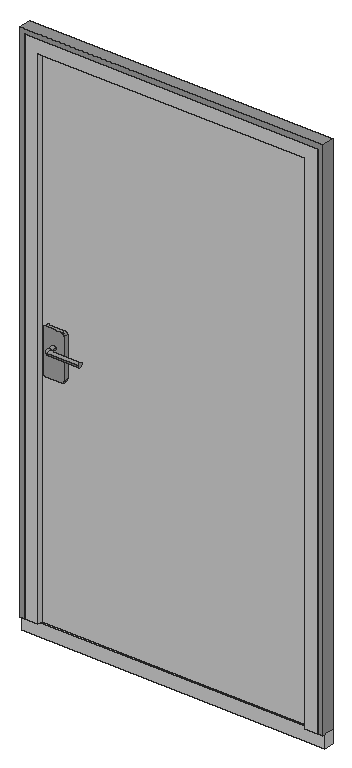
Revit family "AVLN_Дверь_Однопольная_стальная", category Двери, Revit 2021
Family settings
  Основа = Стена
  Номер OmniClass = 23.30.10.00
  Заголовок OmniClass = Doors
  Всегда вертикально = Да
  При загрузке вырезать с полостями = Нет
  Общий = Нет
  Точка принадлежности помещению = Нет
Parameters (values of type "ДВ-4Л 1200х2100(h)_ЛХ, ЛК (в подвале)")
  Ширина полотна [instance] = Width - Монтажный зазор * 2 - Коробка толщина * 2  # 1060 mm
  Тонкая линия проема = yes
  Толщина = 30 mm  # constant formula
  Стекло.Толщина = 15 mm
  Стекло.Отступ.Снизу = 1200 mm
  Стекло.Отступ.Слева/Справа = 100 mm
  Стекло.Отступ.Сверху = 100 mm
  Стекло = not([Глухая/Остекленная])  # no
  Смещение проема [instance] = 50 mm
  Смещение внутрь = 0 mm
  С1 [instance] = if(Смещение проема = 0 mm, 1 mm, 0 mm)  # 0 mm
  Ручка смещение = 60 mm  # constant formula
  Ручка высота = 1000 mm  # constant formula
  Рабочая зона = no
  Rough Width = Width - Монтажный зазор * 2  # 1160 mm
  Rough Height = Height - Монтажный зазор  # 2080 mm
  Правая = no
  Порог_наружный_смещение [instance] = 50 mm
  Порог_внутренний_смещение [instance] = 50 mm
  Порог_внуренний [instance] = no
  Порог [instance] = no
  Определить тепловые свойства по = Тип схем
  Описание = "Дверь противопожарная стальная\r\nостекленная, однопольная, с замкнутой\r\nугловой коробкой с порогом с притвором."
  Окрывание 30° = yes
  Огнестойкость = "EIS60"
  Монтажный зазор сверху [instance] = if(Смещение проема = 0 mm, Монтажный зазор - 1 mm, Монтажный зазор)  # 20 mm
  Монтажный зазор = 20 mm
  Матиал_Коробка = Сталь
  Материал_Стекло = Остекление
  Материал_Рабочая зона = none
  Материал_Полотно = Сталь
  Материал_Монтажный зазор = Монтажный зазор
  Материал_Дверной ручки = По умолчанию
  Левая = not(Правая)  # yes
  Коробка.Профиль = 1 mm  # constant formula
  Коробка толщина = 50 mm  # constant formula
  Комментарии к типоразмеру = "Двери внутренние"
  Заполнение под проемом_Видимость [instance] = if(Смещение проема = 0 mm, 1 = 0, 1 = 1)  # yes
  Функция = Внутренние слои
  Группа модели = "Дверь"
  Глухая/Остекленная = yes
  Глухая = [Глухая/Остекленная]  # yes
  Height = 2100 mm
  Замыкание стены = По основе
  Width = 1200 mm
  Аналитическая конструкция = "<Нет>"
  АВЛН_Проем_Высота [instance] = if(Смещение проема = 0 mm, Height - 1 mm, Height)  # 2100 mm
  ADSK_Размер_Ширина [instance] = Width  # 1200 mm
  ADSK_Размер_Высота [instance] = Height + Смещение проема  # 2150 mm
  ADSK_Примечание [instance] = ""
  ADSK_Позиция [instance] = ""
  ADSK_Обозначение = "ГОСТ Р 57327-2016"
  ADSK_Наименование = "ДПСО 01 левая"
  ADSK_Масса = 0
  ADSK_Марка [instance] = "ДВ-21Л"
  ADSK_Количество [instance] = 1
  ADSK_Единица измерения [instance] = "шт."
Types (14, lengths in mm): name | Ширина полотна | Rough Width | Rough Height | Правая | Описание | Огнестойкость | Монтажный зазор сверху | Монтажный зазор | Левая | Height | Width | АВЛН_Проем_Высота | ADSK_Размер_Ширина | ADSK_Размер_Высота | ADSK_Обозначение | ADSK_Наименование
  ДВ-4Л 1200х2100(h)_ЛХ, ЛК (в подвале) | 1060 | 1160 | 2080 | no | "Дверь противопожарная стальная\r\nостекленная, однопольная, с замкнутой\r\nугловой коробкой с порогом с притвором." | "EIS60" | 20 | 20 | yes | 2100 | 1200 | 2100 | 1200 | 2150 | "ГОСТ Р 57327-2016" | "ДПСО 01 левая"
  ДВ-3Л 1100х2100(h)_Проход кладовых, межсекционная | 960 | 1060 | 2080 | no | "Дверь противоподарная стальная глухая, однопольная, с \"П\"-образной угловой коробкой без порога." | "EI60" | 20 | 20 | yes | 2100 | 1100 | 2100 | 1100 | 2150 | "ГОСТ Р 57327-2016" | "ДПС 01 левая"
  ДВ-3П 1100х2100(h)_Проход кладовых, межсекционная | 960 | 1060 | 2080 | yes | "Дверь противоподарная стальная глухая, однопольная, с \"П\"-образной угловой коробкой без порога." | "EI60" | 20 | 20 | no | 2100 | 1100 | 2100 | 1100 | 2150 | "ГОСТ Р 57327-2016" | "ДПС 01 правая"
  900х2000h)_П_ПУИ | 740 | 840 | 1970 | yes | "Дверной блок санузлов, распашной\r\nоднопольный, глухой, без порога,\r\nдеревянный, полнотелый, со скрытым коробом, без наличника" | 0 | 30 | 30 | no | 2000 | 900 | 2000 | 900 | 2050 | "ГОСТ 475-2016" | "ДС 1 Рп Г ПрБ Мд 1"
  ДВ-1П 900х2000h_Кладовая | 760 | 860 | 1980 | yes | "Дверной стальной блок внутренний для\r\nвспомогательных помещений,\r\nоднопольный, с порогом, с открыванием\r\nнаружу, с полотном из двух стальных\r\nлистов." | 0 | 20 | 20 | no | 2000 | 900 | 2000 | 900 | 2050 | "ГОСТ 31173-2016" | "ДСВв, В1, Oп, Пр, Прг,\r\nН, П2лс, О"
  ДВ-1Л (900х2000h)_Кладовая | 760 | 860 | 1980 | no | "Дверной стальной блок внутренний для\r\nвспомогательных помещений,\r\nоднопольный, с порогом, с открыванием\r\nнаружу, с полотном из двух стальных\r\nлистов." | 0 | 20 | 20 | yes | 2000 | 900 | 2000 | 900 | 2050 | "ГОСТ 31173-2016" | "ДСВв, В1, Oп, Пр, Прг,\r\nН, П2лс, О"
  ДВ-2П 1100х2100(h)_Технические помещения | 960 | 1060 | 2080 | yes | "Дверь противоподарная стальная глухая, однопольная, с замкнутой угловой коробкой с порогом с притвором." | "EI60" | 20 | 20 | no | 2100 | 1100 | 2100 | 1100 | 2150 | "ГОСТ Р 57327-2016" | "ДПС 01 правая"
  1050х2100(h)_Л_ЛК | 890 | 990 | 2070 | no | "Индивидуальный дверной блок (лестница) стальной однопольный, с пониженым порогом, с уплотнителем, с доводчиком, с нажимными ручками. Без замка, с ограничителем. Ширина проема в свету не менее 900 мм. Цвет: см. Дизайн-проект." | "EIS60" | 30 | 30 | yes | 2100 | 1050 | 2100 | 1050 | 2150 | "ГОСТ 31173-2016" | "ДСВ Оп 2090-1100 Прг Л Н П2лс"
  1000х2100(h)_П_Квартира | 860 | 960 | 2080 | yes | "Индивидуальный дверной блок (лестница) стальной однопольный, с пониженым порогом, с уплотнителем, с доводчиком, с нажимными ручками. Без замка, с ограничителем. Ширина проема в свету не менее 900 мм. Цвет: см. Дизайн-проект." | "EIS60" | 20 | 20 | no | 2100 | 1000 | 2100 | 1000 | 2150 | "ГОСТ 31173-2016" | "ДСВ Оп 2090-1100 Прг Л Н П2лс"
  1000х2100(h)_Л_Квартира | 860 | 960 | 2080 | no | "Индивидуальный дверной блок (лестница) стальной однопольный, с пониженым порогом, с уплотнителем, с доводчиком, с нажимными ручками. Без замка, с ограничителем. Ширина проема в свету не менее 900 мм. Цвет: см. Дизайн-проект." | "EIS60" | 20 | 20 | yes | 2100 | 1000 | 2100 | 1000 | 2150 | "ГОСТ 31173-2016" | "ДСВ Оп 2090-1100 Прг Л Н П2лс"
  1050х2100(h)_П_ЛК | 910 | 1010 | 2080 | yes | "Индивидуальный дверной блок (лестница) стальной однопольный, с пониженым порогом, с уплотнителем, с доводчиком, с нажимными ручками. Без замка, с ограничителем. Ширина проема в свету не менее 900 мм. Цвет: см. Дизайн-проект." | "EIS60" | 20 | 20 | no | 2100 | 1050 | 2100 | 1050 | 2150 | "ГОСТ 31173-2016" | "ДСВ Оп 2090-1100 Прг Л Н П2лс"
  ДВ-4П 1200х2100(h)_ЛХ, ЛК (в подвале) | 1060 | 1160 | 2080 | yes | "Дверь противопожарная стальная\r\nостекленная, однопольная, с замкнутой\r\nугловой коробкой с порогом с притвором." | "EIS60" | 20 | 20 | no | 2100 | 1200 | 2100 | 1200 | 2150 | "ГОСТ Р 57327-2016" | "ДПСО 01 правая"
  1200х2100(h)_Л_ЛХ | 1060 | 1160 | 2080 | no | "Индивидуальный дверной блок (лестница) стальной однопольный, с пониженым порогом, с уплотнителем, с доводчиком, с нажимными ручками. Без замка, с ограничителем. Ширина проема в свету не менее 900 мм. Цвет: см. Дизайн-проект." | "EIS60" | 20 | 20 | yes | 2100 | 1200 | 2100 | 1200 | 2150 | "ГОСТ 31173-2016" | "ДСВ Оп 2090-1100 Прг Л Н П2лс"
  Для копирования! | 940 | 1040 | 2060 | no | "Индивидуальный дверной блок (лестница) стальной однопольный, с пониженым порогом, с уплотнителем, с доводчиком, с нажимными ручками. Без замка, с ограничителем. Ширина проема в свету не менее 900 мм. Цвет: см. Дизайн-проект." | 0 | 30 | 30 | yes | 2090 | 1100 | 2090 | 1100 | 2140 | "ГОСТ 31173-2016" | "ДСВ Оп 2090-1100 Прг Л Н П2лс"
Reference planes
  plane 1: y = 0
  plane 2 "По центру (Влево/Вправо)": x = 0
  plane 3 "Слева": x = -600
  plane 4 "Справа": x = 600
  plane 5: z = 2100
  plane 6 "Наружный": y = 150
  plane 7 "Внутренние": y = -150
  plane 8: z = -50
  plane 9: x = -580
  plane 10: x = 580
  plane 11: x = 530
  plane 12: x = -530
  plane 13: z = 2080
  plane 14: z = 2030
  plane 15 "Полотно_Н": y = 150
  plane 16 "Полотно_В": y = 120
  plane 17: z = -100
  plane 18: x = -470
  plane 19: x = 470
  plane 20: z = 1000
  plane 21: z = 1050
  plane 22 "Короб_В": y = 100
  plane 23: x = -529
  plane 24: x = 529
  plane 25: z = 2029
  plane 26: y = 1350
  plane 27: x = 430
  plane 28: z = 1930
  plane 29: x = -430
  plane 30: z = 1200
  plane 31: y = 135
  plane 32: y = 142.5
  plane 33: y = 127.5
  plane 34: y = 200
  plane 35: y = -200
  plane 36: z = -50
Forms (mm)
  Extrusion 1, solid, material "Сталь" <- "Материал_Полотно", visible <- "Стекло", detail levels fine
    sketch origin (0, 150, 0) x (1, 0, 0) y (0, 0, 1)
      loop
        line (530, 2030) -> (-530, 2030) -> (-530, 0) -> (530, 0) -> (530, 2030)
      loop
        line (430, 1930) -> (-430, 1930) -> (-430, 1200) -> (430, 1200) -> (430, 1930)
    from 0 to 30
  Extrusion 2, solid, material "Сталь" <- "Матиал_Коробка", visible <- "Заполнение под проемом_Видимость", detail levels fine
    sketch origin (0, 150, 0) x (1, 0, 0) y (0, 0, 1)
      loop
        line (600, 0) -> (-600, 0) -> (-600, -50) -> (600, -50) -> (600, 0)
    from 0 to 40
  Extrusion 3, solid, material "Монтажный зазор" <- "Материал_Монтажный зазор"
    sketch origin (0, -150, 0) x (1, 0, 0) y (0, 0, 1)
      loop
        line (-600, 0) -> (-580, 0) -> (-580, 2080) -> (580, 2080) -> (580, 0) -> (600, 0) -> (600, 2100) -> (-600, 2100) -> (-600, 0)
    from -300 to -250
  Sweep 4, solid, material "Сталь" <- "Матиал_Коробка"
    path origin (0, 150, 0) x (-1, 0, 0) y (0, 0, 1)
      loop
        line (530, 0) -> (530, 2030) -> (-530, 2030) -> (-530, 0)
    profile origin (-530, 150, 1015) x (0, 1, 0) y (-1, 0, 0)
      loop
        line (0, 50) -> (-50, 50) -> (-50, -1) -> (-30, -1) -> (-30, 0) -> (0, 0) -> (0, 50)
  Extrusion 5, void
    sketch origin (0, 0, 0) x (1, 0, 0) y (0, 1, 0)
      loop
        line (-600, 1350) -> (-600, 150) -> (600, 150) -> (600, 1350) -> (-600, 1350)
    from -50 to 2100
  Extrusion 6, solid, material "Остекление" <- "Материал_Стекло", visible <- "Стекло", detail levels fine
    sketch origin (0, 150, 0) x (1, 0, 0) y (0, 0, 1)
      loop
        line (430, 1930) -> (-430, 1930) -> (-430, 1200) -> (430, 1200) -> (430, 1930)
    from 7.5 to 22.5
  Extrusion 7, solid, material "Сталь" <- "Материал_Полотно", visible <- "Глухая"
    sketch origin (0, 150, 0) x (1, 0, 0) y (0, 0, 1)
      loop
        line (530, 2030) -> (-530, 2030) -> (-530, 0) -> (530, 0) -> (530, 2030)
    from 0 to 30
Lines and regions (mm)
  Opening 1
    outline origin (-3050, -150, 0) x (1, 0, 0) y (0, 0, 1)
      loop
        line (2450, -50) -> (3650, -50) -> (3650, 2100) -> (2450, 2100) -> (2450, -50)
  Masking region 1, visible <- "Тонкая линия проема"
    outline origin (95.796, -283.072, 0) x (1, 0, 0) y (0, 1, 0)
      loop
        line (-679.745, 443.072) -> (-695.796, 433.072) -> (-695.796, 133.072) -> (-695.796, 123.072) -> (504.204, 123.072) -> (504.204, 133.072) -> (504.204, 433.072) -> (486.729, 443.072) -> (-679.745, 443.072)
  model lines, style "Открывание_Внутрь", visible <- "Левая"
    curve 1: line (529, 120, 2029) -> (-529, 120, 1050)
    curve 2: line (-529, 120, 1050) -> (529, 120, 0)
  model lines, style "Открывание_Внутрь", visible <- "Правая"
    curve 3: line (-529, 120, 0) -> (529, 120, 1050)
    curve 4: line (529, 120, 1050) -> (-529, 120, 2029)
  model lines, style "Открывание_Наружу", visible <- "Правая"
    curve 5: line (-530, 150, 0) -> (529, 150, 1050)
    curve 6: line (529, 150, 1050) -> (-530, 150, 2030)
  model lines, style "Открывание_Наружу", visible <- "Левая"
    curve 7: line (530, 150, 2030) -> (-529, 150, 1050)
    curve 8: line (-529, 150, 1050) -> (530, 150, 0)
  model lines, style "Рабочая зона", visible <- "Рабочая зона"
    curve 9: line (-600, 150, 0) -> (-600, 1350, 0)
    curve 10: line (-600, 1350, 0) -> (600, 1350, 0)
    curve 11: line (600, 150, 0) -> (600, 1350, 0)
  symbolic lines, style "Порог", visible <- "Порог_внуренний"
    curve 12: line (-600, -200, 0) -> (600, -200, 0)
  symbolic lines, style "Порог", visible <- "Порог"
    curve 13: line (-600, 200, 0) -> (600, 200, 0)
Text (mm)
  text "Наружный" at (-2295.016, 1099.543, 0), in view "Опорный уровень"
  text "Наружный" at (0, 1615.38, 3698.081), in view "Слева"
  text "Наружный" at (0, 1036.032, 3874.932), in view "Справа"
Dimensions and locks
  equal spacing: plane 3 "Слева", plane 2 "По центру (Влево/Вправо)", plane 4 "Справа"
  "Width": plane 3 "Слева" to plane 4 "Справа"
  host wall to plane 5 = 2564.966 mm  (x2)
  locked: plane 6 "Наружный" to host wall
  locked: plane 7 "Внутренние" to host wall
  plane 8 to level = 50 mm
  "АВЛН_Проем_Высота": level to plane 5
  "Монтажный зазор": plane 3 "Слева" to plane 9
  "Монтажный зазор": plane 10 to plane 4 "Справа"
  "Смещение внутрь": plane 15 "Полотно_Н" to plane 6 "Наружный"
  "Толщина": plane 15 "Полотно_Н" to plane 16 "Полотно_В"
  level to plane 17 = 100 mm
  "Монтажный зазор сверху": plane 13 to plane 5
  "Коробка толщина": plane 14 to plane 13
  "Коробка толщина": plane 12 to plane 9
  "Коробка толщина": plane 11 to plane 10
  "Смещение проема": level to plane 8
  "Ручка высота": level to plane 20
  "Ручка смещение": plane 12 to plane 18
  "Ручка смещение": plane 19 to plane 11
  equal spacing: level, plane 21, plane 5
  equal spacing: plane 7 "Внутренние", plane 1, plane 6 "Наружный"
  "Коробка толщина": plane 15 "Полотно_Н" to plane 22 "Короб_В"
  "Коробка.Профиль": plane 12 to plane 23
  "Коробка.Профиль": plane 24 to plane 11
  "Коробка.Профиль": plane 14 to plane 25
  "Width": plane 26 to plane 15 "Полотно_Н"
  "Стекло.Отступ.Слева/Справа": plane 27 to plane 11
  "Стекло.Отступ.Слева/Справа": plane 12 to plane 29
  "Стекло.Отступ.Сверху": plane 28 to plane 14
  "Стекло.Отступ.Снизу": level to plane 30
  equal spacing: plane 15 "Полотно_Н", plane 31, plane 16 "Полотно_В"
  equal spacing: plane 33, plane 31, plane 32
  "Стекло.Толщина": plane 33 to plane 32
  "Порог_наружный_смещение": plane 6 "Наружный" to plane 34
  "Порог_внутренний_смещение": plane 35 to plane 7 "Внутренние"
  "С1": plane 8 to plane 36
  aligned and locked: plane 3 "Слева" to Opening 1 sketch curve
  aligned and locked: Opening 1 sketch curve to plane 4 "Справа"
  aligned and locked: plane 1 to host wall
  aligned and locked: Extrusion 1 to plane 16 "Полотно_В"
  aligned and locked: plane 15 "Полотно_Н" to Extrusion 1
  aligned and locked: level to Extrusion 2 sketch curve
  aligned and locked: Extrusion 2 sketch curve to plane 4 "Справа"
  aligned and locked: Extrusion 2 sketch curve to host wall
  aligned and locked: nested 1 to plane 16 "Полотно_В"
  aligned and locked: nested 2 to plane 15 "Полотно_Н"
  aligned and locked: plane 15 "Полотно_Н" to nested 4
  aligned and locked: plane 16 "Полотно_В" to nested 3
  aligned and locked: plane 5 to Opening 1 sketch curve
  aligned and locked: plane 14 to Extrusion 1 sketch curve
  aligned and locked: Extrusion 3 sketch curve to plane 4 "Справа"
  aligned and locked: Extrusion 3 sketch curve to plane 10
  aligned and locked: Extrusion 3 sketch curve to plane 5
  aligned and locked: Extrusion 3 sketch curve to plane 13
  aligned and locked: plane 3 "Слева" to Extrusion 3 sketch curve
  aligned and locked: plane 9 to Extrusion 3 sketch curve
  aligned and locked: Extrusion 3 sketch curve to level  (x2)
  aligned and locked: nested 2 to plane 20
  aligned and locked: plane 20 to nested 4
  aligned and locked: plane 20 to nested 1
  aligned and locked: nested 3 to plane 20
  aligned and locked: plane 19 to nested 4
  aligned and locked: plane 18 to nested 2
  aligned and locked: nested 3 to plane 19
  aligned and locked: nested 1 to plane 18
  aligned and locked: nested 5 to plane 4 "Справа"
  aligned and locked: nested 5 to plane 3 "Слева"
  aligned and locked: nested 5 to plane 15 "Полотно_Н"
  aligned and locked: nested 6 to plane 3 "Слева"
  aligned and locked: nested 6 to plane 4 "Справа"
  aligned and locked: plane 15 "Полотно_Н" to nested 6
  aligned and locked: Extrusion 3 to plane 22 "Короб_В"
  aligned and locked: plane 15 "Полотно_Н" to Extrusion 3
  aligned and locked: plane 11 to Sweep 4 sketch curve
  aligned and locked: plane 14 to Sweep 4 sketch curve
  aligned and locked: plane 12 to Sweep 4 sketch curve  (x2)
  aligned and locked: plane 15 "Полотно_Н" to Sweep 4 sketch curve
  aligned and locked: plane 9 to Sweep 4 sketch curve
  aligned and locked: plane 23 to Sweep 4 sketch curve
  aligned and locked: plane 22 "Короб_В" to Sweep 4 sketch curve
  aligned and locked: plane 16 "Полотно_В" to Sweep 4 sketch curve
  aligned and locked: level to Sweep 4 sketch curve  (x2)
  aligned and locked: plane 23 to curve 4
  aligned and locked: plane 25 to curve 4
  aligned and locked: plane 25 to curve 1
  aligned and locked: plane 24 to curve 1
  aligned and locked: plane 23 to curve 1
  aligned and locked: plane 21 to curve 2
  aligned and locked: plane 24 to curve 4
  aligned and locked: plane 21 to curve 3
  aligned and locked: Sweep 4 to curve 3
  aligned and locked: level to curve 3
  aligned and locked: Sweep 4 to curve 2
  aligned and locked: level to curve 2
  aligned and locked: curve 9 to plane 3 "Слева"
  aligned and locked: curve 10 to plane 26
  aligned and locked: curve 11 to plane 4 "Справа"
  aligned and locked: plane 15 "Полотно_Н" to curve 9
  aligned and locked: plane 15 "Полотно_Н" to curve 11
  aligned and locked: Extrusion 5 sketch curve to plane 26
  aligned and locked: Extrusion 5 sketch curve to plane 3 "Слева"
  aligned and locked: Extrusion 5 sketch curve to plane 15 "Полотно_Н"
  aligned and locked: Extrusion 5 sketch curve to plane 4 "Справа"
  aligned and locked: Extrusion 5 to plane 5
  aligned and locked: plane 28 to Extrusion 1 sketch curve
  aligned and locked: Extrusion 1 sketch curve to plane 27
  aligned and locked: Extrusion 1 sketch curve to plane 30
  aligned and locked: Extrusion 1 sketch curve to plane 29
  aligned and locked: plane 27 to Extrusion 6 sketch curve
  aligned and locked: plane 28 to Extrusion 6 sketch curve
  aligned and locked: Extrusion 6 sketch curve to plane 29
  aligned and locked: plane 30 to Extrusion 6 sketch curve
  aligned and locked: plane 33 to Extrusion 6
  aligned and locked: plane 32 to Extrusion 6
  aligned and locked: plane 11 to Extrusion 7 sketch curve
  aligned and locked: plane 14 to Extrusion 7 sketch curve
  aligned and locked: plane 12 to Extrusion 7 sketch curve
  aligned and locked: level to Extrusion 7 sketch curve
  aligned and locked: plane 15 "Полотно_Н" to Extrusion 7
  aligned and locked: Extrusion 7 to plane 16 "Полотно_В"
  aligned and locked: curve 6 to curve 4
  aligned and locked: curve 8 to curve 2
  aligned and locked: Masking region 1 sketch curve to curve 9
  aligned and locked: Extrusion 1 to Masking region 1 sketch curve
  aligned and locked: plane 6 "Наружный" to Masking region 1 sketch curve
  aligned and locked: host wall to Masking region 1 sketch curve  (x2)
  aligned and locked: plane 3 "Слева" to Masking region 1
  aligned and locked: Masking region 1 to plane 4 "Справа"
  aligned and locked: plane 3 "Слева" to curve 13
  aligned and locked: plane 4 "Справа" to curve 13
  aligned and locked: curve 13 to plane 34
  aligned and locked: curve 12 to plane 35
  aligned and locked: Extrusion 2 to plane 36
  aligned and locked: Extrusion 5 to plane 8
  aligned and locked: Opening 1 sketch curve to plane 36
Automatic sketch dimensions
  plane 12 to Extrusion 1 sketch curve = 0 mm
  plane 11 to Extrusion 1 sketch curve = 0 mm
  Extrusion 1 sketch curve to level = 0 mm
  plane 11 to curve 7 = 0 mm
  curve 8 to level = 0 mm
  plane 11 to curve 8 = 0 mm
  curve 6 to plane 21 = 0 mm
  curve 7 to plane 23 = 0 mm
  plane 12 to curve 6 = 0 mm
  curve 5 to level = 0 mm
  plane 12 to curve 5 = 0 mm
  curve 7 to plane 14 = 0 mm
  curve 6 to plane 14 = 0 mm
  Extrusion 2 sketch curve to plane 8 = 0 mm
  curve 12 to plane 4 "Справа" = 0 mm
  Masking region 1 sketch curve to plane 4 "Справа" = 0 mm
  Masking region 1 sketch curve to plane 9 = 3.949 mm
  plane 10 to Masking region 1 sketch curve = 2.525 mm
  host wall to Masking region 1 sketch curve = 10 mm  (x2)
  curve 12 to plane 3 "Слева" = 0 mm
Nested families
  nested 1: "Дв_Дверная ручка" at (-470, 120, -40), visible <- "Левая", type "Дв_Дверная ручка", detail levels fine
    with Высота расположения дверной ручки 1040 mm
  nested 2: "Дв_Дверная ручка" at (-470, 150, -40), visible <- "Левая", type "Дв_Дверная ручка", detail levels fine
    with Высота расположения дверной ручки 1040 mm
  nested 3: "Дв_Дверная ручка" at (470, 120, -40) x (-1, 0, 0) z (0, 0, 1), visible <- "Правая", type "Дв_Дверная ручка", detail levels fine
    with Высота расположения дверной ручки 1040 mm
  nested 4: "Дв_Дверная ручка" at (470, 150, -40) x (-1, 0, 0) z (0, 0, 1), visible <- "Правая", type "Дв_Дверная ручка", detail levels fine
    with Высота расположения дверной ручки 1040 mm
  nested 5: "АС-Однопольная-Обозначение на плане" at (0, 150, -50), Width <- "Width", Толщина <- "Толщина", Коробка.Толщина <- "Коробка толщина", Height <- "Rough Height", Полотно.Ширина <- "Ширина полотна", Rough Width <- "Rough Width", visible <- "Левая", Коробка.Ширина <- "Коробка.Профиль", type "АС-Стандарт"
    with Width 1200 mm, Толщина 30 mm, Rough Width 1160 mm, Полотно.Ширина 1060 mm, Коробка.Ширина 1 mm, Коробка.Толщина 50 mm, Height 2080 mm
  nested 6: "АС-Однопольная-Обозначение на плане" at (0, 150, -50) x (-1, 0, 0) z (0, 0, 1), Width <- "Width", Толщина <- "Толщина", Коробка.Толщина <- "Коробка толщина", Height <- "Rough Height", Полотно.Ширина <- "Ширина полотна", Rough Width <- "Rough Width", visible <- "Правая", Коробка.Ширина <- "Коробка.Профиль", type "АС-Стандарт"
    with Width 1200 mm, Толщина 30 mm, Rough Width 1160 mm, Полотно.Ширина 1060 mm, Коробка.Ширина 1 mm, Коробка.Толщина 50 mm, Height 2080 mm
Definition of nested family "Дв_Дверная ручка"
  Parameters (values of type "Дв_Дверная ручка")
    Материал дверной ручки = none
    Высота расположения дверной ручки [instance] = 1040 mm
    Analytic Construction = "<Нет>"
  Reference planes
    plane 1 "По центру (Вперед/Назад)": y = 0
    plane 2: z = 0
    plane 3 "По центру (Влево/Вправо)": x = 0
    plane 4: z = 1040
    plane 5: x = -41.434
    plane 6: x = 41.434
    plane 7: z = 1106.663
    plane 8: z = 926.663
    plane 9: y = -15
  Forms (mm)
    Extrusion 1, solid, material <- "Материал дверной ручки"
      sketch origin (0, 0, 0) x (1, 0, 0) y (0, 0, 1)
        loop
          arc (-31.434, 1106.663) -> (-38.505, 1103.734) -> (-41.434, 1096.663) r 10
          line (-41.434, 1096.663) -> (-41.434, 936.663)
          arc (-41.434, 936.663) -> (-38.505, 929.591) -> (-31.434, 926.663) r 10
          line (-31.434, 926.663) -> (31.434, 926.663)
          arc (31.434, 926.663) -> (38.505, 929.591) -> (41.434, 936.663) r 10
          line (41.434, 936.663) -> (41.434, 1096.663)
          arc (41.434, 1096.663) -> (38.505, 1103.734) -> (31.434, 1106.663) r 10
          line (31.434, 1106.663) -> (-31.434, 1106.663)
      from 0 to 15
    Sweep 2, solid, material <- "Материал дверной ручки"
      path origin (0, 0, 0) x (1, 0, 0) y (0, 1, 0)
        loop
          line (0, -15) -> (0, -38.261)
          arc (0, -38.261) -> (2.929, -45.332) -> (10, -48.261) r 10
          line (10, -48.261) -> (130, -48.261)
      profile origin (0, -26.63, 0) x (1, 0, 0) y (0, 0, 1)
        loop
          circle (0, 1040) r 8
  Dimensions and locks
    "Высота расположения дверной ручки": plane 4 to level
    plane 7 to plane 8 = 180 mm
    plane 6 to plane 5 = 82.868 mm
    equal spacing: plane 6, plane 3 "По центру (Влево/Вправо)", plane 5
    locked: plane 1 "По центру (Вперед/Назад)" to plane 9 at 15
    aligned and locked: level to plane 2
    aligned and locked: Extrusion 1 sketch curve to plane 7
    aligned and locked: plane 5 to Extrusion 1 sketch curve
    aligned and locked: plane 8 to Extrusion 1 sketch curve
    aligned and locked: Extrusion 1 sketch curve to plane 6
    aligned and locked: Extrusion 1 to plane 1 "По центру (Вперед/Назад)"
    aligned and locked: plane 4 to Sweep 2
  Automatic sketch dimensions
    plane 5 to Extrusion 1 sketch curve = 10 mm
    Extrusion 1 sketch curve to Extrusion 1 sketch curve = 10 mm  (x2)
    Extrusion 1 sketch curve to plane 6 = 10 mm
    Sweep 2 sketch curve to plane 3 "По центру (Влево/Вправо)" = 0 mm
    plane 9 to Sweep 2 sketch curve = 0 mm
    Sweep 2 sketch curve to Sweep 2 sketch curve = 10 mm
    Sweep 2 sketch curve to Sweep 2 sketch curve = 23.261 mm
    Sweep 2 sketch curve to Sweep 2 sketch curve = 120 mm
    profile plane to Sweep 2 sketch curve = 0 mm
    level to Sweep 2 sketch curve = 1040 mm
    radius of Sweep 2 sketch curve = 8 mm
Definition of nested family "АС-Однопольная-Обозначение на плане"
  Parameters (values of type "АС-Стандарт")
    Полотно.Ширина [instance] = 900 mm
    Открывание двери 90 = not(Открывание двери 30)  # no
    Открывание двери 30 = yes
    Линия открывания (дуга) = not(Открывание двери 30)  # no
    Коробка.Ширина [instance] = 40 mm
    Коробка.Толщина [instance] = 80 mm
    Width [instance] = 1000 mm
    Thickness [instance] = 40 mm
    Rough Width [instance] = 960 mm
    Height [instance] = 2100 mm
    Default Elevation = 0 mm
    Analytic Construction = "<Нет>"
  Reference planes
    plane 1 "Center (Front/Back)": y = 0
    plane 2: z = 0
    plane 3 "Center (Left/Right)": x = 0
    plane 4 "Полотно.Слева": x = -480
    plane 5 "Полотно справа": x = 480
    plane 6 "Проем.Слева": x = -500
    plane 7 "Проем.Справа": x = 500
    plane 8 "Полотно. Внутренняя сторона": y = -40
    plane 9 "Коробка. Внутренняя сторона": y = -80
    plane 10 "Коробка.Внутренняя сторона слева": x = -450
    plane 11 "Коробка. Внутренняя сторона справа": x = 450
    plane 12 "2": x = -410
    plane 13 "3": x = 410
  Lines and regions (mm)
    Masking region 1, detail levels fine
      outline origin (0, 0, 0) x (1, 0, 0) y (0, 1, 0)
        loop
          line (-500, -80) -> (-480, -80) -> (-480, 0) -> (-500, 0) -> (-500, -80)
    Masking region 2, detail levels fine
      outline origin (0, 0, 0) x (1, 0, 0) y (0, 1, 0)
        loop
          line (500, -80) -> (500, 0) -> (480, 0) -> (480, -80) -> (500, -80)
    Masking region 3, detail levels fine
      outline origin (0, 0, 0) x (1, 0, 0) y (0, 1, 0)
        loop
          line (-480, 0) -> (-480, -80) -> (-410, -80) -> (-410, -40) -> (-450, -40) -> (-450, 0) -> (-480, 0)
    Masking region 4, detail levels fine
      outline origin (0, 0, 0) x (1, 0, 0) y (0, 1, 0)
        loop
          line (480, 0) -> (450, 0) -> (450, -40) -> (410, -40) -> (410, -80) -> (480, -80) -> (480, 0)
    Masking region 5, visible <- "Открывание двери 90", detail levels fine
      outline origin (0, 0, 0) x (1, 0, 0) y (0, 1, 0)
        loop
          line (450, 0) -> (450, 900) -> (410, 900) -> (410, 0) -> (450, 0)
    Masking region 6, visible <- "Открывание двери 30", detail levels fine
      outline origin (0, 0, 0) x (1, 0, 0) y (0, 1, 0)
        loop
          line (450, 0) -> (-329.423, 450) -> (-349.423, 415.359) -> (430, -34.641) -> (450, 0)
    symbolic lines, visible <- "Открывание двери 30", detail levels coarse+medium
      curve 1: line (500, 0, 0) -> (-366.025, 500, 0)
    symbolic lines, visible <- "Открывание двери 90", detail levels coarse+medium
      curve 2: line (500, 0, 0) -> (500, 1000, 0)
    symbolic lines, visible <- "Линия открывания (дуга)", detail levels coarse+medium
      curve 3: arc (500, 1000, 0) -> (-207.107, 707.107, 0) -> (-500, 0, 0) r 1000
    symbolic lines, visible <- "Линия открывания (дуга)", detail levels fine
      curve 4: arc (-450, 0, 0) -> (-186.396, 636.396, 0) -> (450, 900, 0) r 900
    model lines, not visible
      curve 5: line (0, 0, 0) -> (0, 0, 2100)
  Dimensions and locks
    "Thickness": plane 1 "Center (Front/Back)" to plane 8 "Полотно. Внутренняя сторона"  (x2)
    equal spacing: plane 4 "Полотно.Слева", plane 3 "Center (Left/Right)", plane 5 "Полотно справа"
    equal spacing: plane 6 "Проем.Слева", plane 3 "Center (Left/Right)", plane 7 "Проем.Справа"
    "Width": plane 6 "Проем.Слева" to plane 7 "Проем.Справа"
    "Rough Width": plane 4 "Полотно.Слева" to plane 5 "Полотно справа"
    plane 1 "Center (Front/Back)" to plane 9 "Коробка. Внутренняя сторона" = 80 mm
    "Коробка.Толщина": plane 9 "Коробка. Внутренняя сторона" to plane 1 "Center (Front/Back)"
    equal spacing: plane 10 "Коробка.Внутренняя сторона слева", plane 3 "Center (Left/Right)", plane 11 "Коробка. Внутренняя сторона справа"
    "Полотно.Ширина": plane 10 "Коробка.Внутренняя сторона слева" to plane 11 "Коробка. Внутренняя сторона справа"
    "Width": curve 1 to curve 1
    "Width": plane 1 "Center (Front/Back)" to curve 2
    "Коробка.Ширина": plane 10 "Коробка.Внутренняя сторона слева" to Masking region 3 sketch curve
    "Коробка.Ширина": Masking region 4 sketch curve to Masking region 4 sketch curve
    "Полотно.Ширина": plane 1 "Center (Front/Back)" to Masking region 5 sketch curve
    "Thickness": Masking region 5 sketch curve to plane 11 "Коробка. Внутренняя сторона справа"
    "Полотно.Ширина": Masking region 6 sketch curve to Masking region 6 sketch curve
    "Thickness": Masking region 6 sketch curve to Masking region 6 sketch curve
    "Height": curve 5 to level
    "Thickness": Masking region 5 to plane 11 "Коробка. Внутренняя сторона справа"
    "Thickness": Masking region 6 to Masking region 6
    "Коробка.Ширина": plane 10 "Коробка.Внутренняя сторона слева" to plane 12 "2"
    "Коробка.Ширина": plane 13 "3" to plane 11 "Коробка. Внутренняя сторона справа"
    "Width": radius of curve 3
    "Полотно.Ширина": radius of curve 4
    locked: curve 1 to plane 1 "Center (Front/Back)" (angle 30.00°)
    locked: Masking region 6 sketch curve to plane 1 "Center (Front/Back)" (angle 30.00°)
    aligned and locked: level to plane 2
    aligned and locked: plane 7 "Проем.Справа" to curve 2
    aligned and locked: plane 1 "Center (Front/Back)" to curve 2
    aligned and locked: Masking region 1 sketch curve to plane 9 "Коробка. Внутренняя сторона"
    aligned and locked: plane 6 "Проем.Слева" to Masking region 1 sketch curve
    aligned and locked: Masking region 1 sketch curve to plane 1 "Center (Front/Back)"
    aligned and locked: plane 4 "Полотно.Слева" to Masking region 1 sketch curve
    aligned and locked: plane 9 "Коробка. Внутренняя сторона" to Masking region 2 sketch curve
    aligned and locked: Masking region 2 sketch curve to plane 7 "Проем.Справа"
    aligned and locked: plane 1 "Center (Front/Back)" to Masking region 2 sketch curve
    aligned and locked: plane 5 "Полотно справа" to Masking region 2 sketch curve
    aligned and locked: Masking region 3 sketch curve to plane 4 "Полотно.Слева"
    aligned and locked: Masking region 3 sketch curve to plane 10 "Коробка.Внутренняя сторона слева"
    aligned and locked: Masking region 3 sketch curve to plane 1 "Center (Front/Back)"
    aligned and locked: Masking region 3 sketch curve to plane 9 "Коробка. Внутренняя сторона"
    aligned and locked: Masking region 3 sketch curve to plane 8 "Полотно. Внутренняя сторона"
    aligned and locked: Masking region 4 sketch curve to plane 5 "Полотно справа"
    aligned and locked: Masking region 4 sketch curve to plane 11 "Коробка. Внутренняя сторона справа"
    aligned and locked: Masking region 4 sketch curve to plane 9 "Коробка. Внутренняя сторона"
    aligned and locked: Masking region 4 sketch curve to plane 8 "Полотно. Внутренняя сторона"
    aligned and locked: Masking region 4 sketch curve to plane 1 "Center (Front/Back)"
    aligned and locked: curve 4 to Masking region 3
    aligned and locked: plane 11 "Коробка. Внутренняя сторона справа" to curve 4
    aligned and locked: Masking region 4 to Masking region 5 sketch curve
    aligned and locked: Masking region 5 sketch curve to Masking region 4
    aligned and locked: plane 11 "Коробка. Внутренняя сторона справа" to Masking region 6 sketch curve
    aligned and locked: plane 2 to curve 5
    aligned and locked: plane 3 "Center (Left/Right)" to curve 5
    aligned and locked: plane 11 "Коробка. Внутренняя сторона справа" to Masking region 5
    aligned and locked: plane 1 "Center (Front/Back)" to Masking region 5
  Automatic sketch dimensions
    plane 1 "Center (Front/Back)" to Masking region 6 sketch curve = 0 mm
